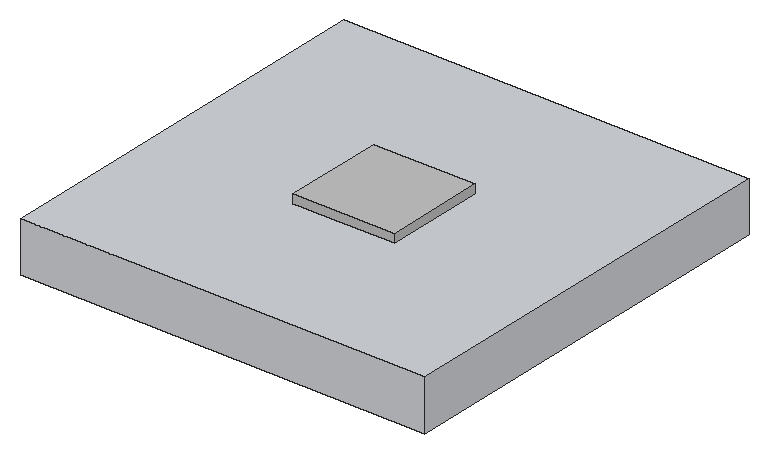
Revit family
Parameters (values of type "Sound Silencer")
  URL = "www.acousticalsurfaces.com"
  Type Comments = "Porous Expanded Polypropylene "
  Porous Expanded Polypropyene = PEPP Panel White
  Model = "Sound Silencer"
  Manufacturer = "Acoustical Surfaces "
  Description = "Acoustical Panel"
  Default Elevation = 4' - 0"
  Dba Acoustical Panel = PEPP Panel
  Assembly Code = ""
Types (2): name | URL | Type Comments | Model | Description
  DBA Acoustical Panel | "" | "" | "" | ""
  Sound Silencer | "www.acousticalsurfaces.com" | "Porous Expanded Polypropylene " | "Sound Silencer" | "Acoustical Panel"
Reference planes (in)
  plane 1 "Center (Front/Back)": y = 0
  plane 2: z = 0
  plane 3 "Center (Left/Right)": x = 0
Forms (in)
  Extrusion 1, solid
    sketch origin (0, 0, 0) x (1, 0, 0) y (0, 1, 0)
      loop
        line (-48, 48) -> (-48, -48) -> (48, -48) -> (48, 48) -> (-48, 48)
    from 0 to -12
  Extrusion 2, solid, material "PEPP Panel White"
    sketch origin (0, 0, 0) x (1, 0, 0) y (0, 1, 0)
      loop
        line (-12, 12) -> (-12, -12) -> (12, -12) -> (12, 12) -> (-12, 12)
    from 0 to 2
Dimensions and locks (in)
  aligned and locked: plane 2 to Extrusion 1
  aligned and locked: level to Extrusion 1
